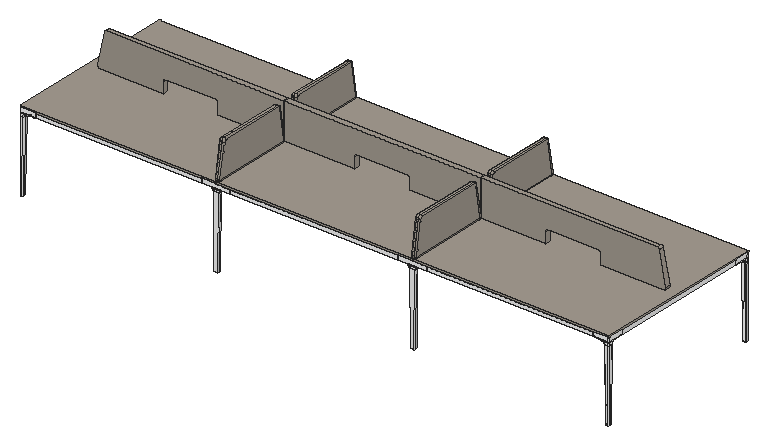
Revit family "BDG_BossDesign_Tbls_ATOM_Desks1", category Furniture, Revit 2016 (continued)
Definition of nested family "AtomTablesPartitionsSet3"
  Forms (mm)
    Sweep 19, void
      profile origin (-1280, 418.724, 1065) x (1, 0, 0) y (0, 0, 1)
        loop
          arc (-10, 0) -> (-2.929, -2.929) -> (0, -10) r 10
          line (0, -10) -> (0, 0)
    Extrusion 20, solid, material <- "ScreenPanelMaterial", visible <- "IsVerticalPartition3Bay"
      sketch origin (-1000, 0, 0) x (0, -1, 0) y (0, 0, 1)
        loop
          line (88.129, 1048.411) -> (37.936, 758.411)
          arc (37.936, 758.411) -> (42.343, 742.12) -> (57.643, 735) r 20
          line (57.643, 735) -> (779.804, 735)
          arc (779.804, 735) -> (795.105, 742.12) -> (799.511, 758.411) r 20
          line (799.511, 758.411) -> (749.319, 1048.411)
          arc (749.319, 1048.411) -> (742.492, 1060.301) -> (729.612, 1065) r 20
          line (729.612, 1065) -> (107.836, 1065)
          arc (107.836, 1065) -> (94.956, 1060.301) -> (88.129, 1048.411) r 20
      from -20 to 20
    Extrusion 21, solid, material <- "ScreenPanelMaterial", visible <- "IsVerticalPartition3Bay"
      sketch origin (1000, 0, 0) x (0, -1, 0) y (0, 0, -1)
        loop
          arc (88.129, -1048.411) -> (94.956, -1060.301) -> (107.836, -1065) r 20
          line (107.836, -1065) -> (729.612, -1065)
          arc (729.612, -1065) -> (742.492, -1060.301) -> (749.319, -1048.411) r 20
          line (749.319, -1048.411) -> (799.511, -758.411)
          arc (799.511, -758.411) -> (795.105, -742.12) -> (779.804, -735) r 20
          line (779.804, -735) -> (57.643, -735)
          arc (57.643, -735) -> (42.343, -742.12) -> (37.936, -758.411) r 20
          line (37.936, -758.411) -> (88.129, -1048.411)
      from -20 to 20
    Extrusion 22, solid, material <- "ScreenPanelMaterial", visible <- "IsVerticalPartition4Bay"
      sketch origin (-1300, 0, 0) x (0, -1, 0) y (0, 0, 1)
        loop
          line (88.129, 1048.411) -> (37.936, 758.411)
          arc (37.936, 758.411) -> (42.343, 742.12) -> (57.643, 735) r 20
          line (57.643, 735) -> (779.804, 735)
          arc (779.804, 735) -> (795.105, 742.12) -> (799.511, 758.411) r 20
          line (799.511, 758.411) -> (749.319, 1048.411)
          arc (749.319, 1048.411) -> (742.492, 1060.301) -> (729.612, 1065) r 20
          line (729.612, 1065) -> (107.836, 1065)
          arc (107.836, 1065) -> (94.956, 1060.301) -> (88.129, 1048.411) r 20
      from -20 to 20
    Extrusion 23, solid, material <- "ScreenPanelMaterial", visible <- "IsVerticalPartition4Bay"
      sketch origin (1300, 0, 0) x (0, -1, 0) y (0, 0, -1)
        loop
          arc (88.129, -1048.411) -> (94.956, -1060.301) -> (107.836, -1065) r 20
          line (107.836, -1065) -> (729.612, -1065)
          arc (729.612, -1065) -> (742.492, -1060.301) -> (749.319, -1048.411) r 20
          line (749.319, -1048.411) -> (799.511, -758.411)
          arc (799.511, -758.411) -> (795.105, -742.12) -> (779.804, -735) r 20
          line (779.804, -735) -> (57.643, -735)
          arc (57.643, -735) -> (42.343, -742.12) -> (37.936, -758.411) r 20
          line (37.936, -758.411) -> (88.129, -1048.411)
      from -20 to 20
    Sweep 24, void
      path in 3D
        loop
          arc (-1280, -729.612, 1065) -> (-1280, -742.492, 1060.301) -> (-1280, -749.319, 1048.411) r 20
          line (-1280, -749.319, 1048.411) -> (-1280, -799.511, 758.411)
          arc (-1280, -799.511, 758.411) -> (-1280, -795.105, 742.12) -> (-1280, -779.804, 735) r 20
          line (-1280, -779.804, 735) -> (-1280, -57.643, 735)
          arc (-1280, -57.643, 735) -> (-1280, -42.343, 742.12) -> (-1280, -37.936, 758.411) r 20
          line (-1280, -37.936, 758.411) -> (-1280, -88.129, 1048.411)
          arc (-1280, -88.129, 1048.411) -> (-1280, -94.956, 1060.301) -> (-1280, -107.836, 1065) r 20
          line (-1280, -107.836, 1065) -> (-1280, -729.612, 1065)
      profile origin (-1280, -418.724, 1065) x (1, 0, 0) y (0, 0, 1)
        loop
          line (0, 0) -> (-10, 0)
          arc (-10, 0) -> (-2.929, -2.929) -> (0, -10) r 10
          line (0, -10) -> (0, 0)
    Sweep 25, void
      path in 3D
        loop
          arc (-980, -729.612, 1065) -> (-980, -742.492, 1060.301) -> (-980, -749.319, 1048.411) r 20
          line (-980, -749.319, 1048.411) -> (-980, -799.511, 758.411)
          arc (-980, -799.511, 758.411) -> (-980, -795.105, 742.12) -> (-980, -779.804, 735) r 20
          line (-980, -779.804, 735) -> (-980, -57.643, 735)
          arc (-980, -57.643, 735) -> (-980, -42.343, 742.12) -> (-980, -37.936, 758.411) r 20
          line (-980, -37.936, 758.411) -> (-980, -88.129, 1048.411)
          arc (-980, -88.129, 1048.411) -> (-980, -94.956, 1060.301) -> (-980, -107.836, 1065) r 20
          line (-980, -107.836, 1065) -> (-980, -729.612, 1065)
      profile origin (-980, -418.724, 1065) x (1, 0, 0) y (0, 0, 1)
        loop
          line (0, 0) -> (-10, 0)
          arc (-10, 0) -> (-2.929, -2.929) -> (0, -10) r 10
          line (0, -10) -> (0, 0)
    Sweep 26, void
      path in 3D
        loop
          arc (1020, -729.612, 1065) -> (1020, -742.492, 1060.301) -> (1020, -749.319, 1048.411) r 20
          line (1020, -749.319, 1048.411) -> (1020, -799.511, 758.411)
          arc (1020, -799.511, 758.411) -> (1020, -795.105, 742.12) -> (1020, -779.804, 735) r 20
          line (1020, -779.804, 735) -> (1020, -57.643, 735)
          arc (1020, -57.643, 735) -> (1020, -42.343, 742.12) -> (1020, -37.936, 758.411) r 20
          line (1020, -37.936, 758.411) -> (1020, -88.129, 1048.411)
          arc (1020, -88.129, 1048.411) -> (1020, -94.956, 1060.301) -> (1020, -107.836, 1065) r 20
          line (1020, -107.836, 1065) -> (1020, -729.612, 1065)
      profile origin (1020, -418.724, 1065) x (1, 0, 0) y (0, 0, 1)
        loop
          line (0, 0) -> (-10, 0)
          arc (-10, 0) -> (-2.929, -2.929) -> (0, -10) r 10
          line (0, -10) -> (0, 0)
    Sweep 27, void
      path in 3D
        loop
          arc (1320, -729.612, 1065) -> (1320, -742.492, 1060.301) -> (1320, -749.319, 1048.411) r 20
          line (1320, -749.319, 1048.411) -> (1320, -799.511, 758.411)
          arc (1320, -799.511, 758.411) -> (1320, -795.105, 742.12) -> (1320, -779.804, 735) r 20
          line (1320, -779.804, 735) -> (1320, -57.643, 735)
          arc (1320, -57.643, 735) -> (1320, -42.343, 742.12) -> (1320, -37.936, 758.411) r 20
          line (1320, -37.936, 758.411) -> (1320, -88.129, 1048.411)
          arc (1320, -88.129, 1048.411) -> (1320, -94.956, 1060.301) -> (1320, -107.836, 1065) r 20
          line (1320, -107.836, 1065) -> (1320, -729.612, 1065)
      profile origin (1320, -418.724, 1065) x (1, 0, 0) y (0, 0, 1)
        loop
          line (0, 0) -> (-10, 0)
          arc (-10, 0) -> (-2.929, -2.929) -> (0, -10) r 10
          line (0, -10) -> (0, 0)
    Sweep 28, void
      path in 3D
        loop
          arc (1280, -37.936, 758.411) -> (1280, -42.343, 742.12) -> (1280, -57.643, 735) r 20
          line (1280, -57.643, 735) -> (1280, -779.804, 735)
          arc (1280, -779.804, 735) -> (1280, -795.105, 742.12) -> (1280, -799.511, 758.411) r 20
          line (1280, -799.511, 758.411) -> (1280, -749.319, 1048.411)
          arc (1280, -749.319, 1048.411) -> (1280, -742.492, 1060.301) -> (1280, -729.612, 1065) r 20
          line (1280, -729.612, 1065) -> (1280, -107.836, 1065)
          arc (1280, -107.836, 1065) -> (1280, -94.956, 1060.301) -> (1280, -88.129, 1048.411) r 20
          line (1280, -88.129, 1048.411) -> (1280, -37.936, 758.411)
      profile origin (1280, -63.033, 903.411) x (0, -0.985351, -0.170541) y (-1, 0, 0)
        loop
          line (0, 0) -> (0, -10)
          arc (0, -10) -> (2.929, -2.929) -> (10, 0) r 10
          line (10, 0) -> (0, 0)
    Sweep 29, void
      path in 3D
        loop
          arc (980, -107.836, 1065) -> (980, -94.956, 1060.301) -> (980, -88.129, 1048.411) r 20
          line (980, -88.129, 1048.411) -> (980, -37.936, 758.411)
          arc (980, -37.936, 758.411) -> (980, -42.343, 742.12) -> (980, -57.643, 735) r 20
          line (980, -57.643, 735) -> (980, -779.804, 735)
          arc (980, -779.804, 735) -> (980, -795.105, 742.12) -> (980, -799.511, 758.411) r 20
          line (980, -799.511, 758.411) -> (980, -749.319, 1048.411)
          arc (980, -749.319, 1048.411) -> (980, -742.492, 1060.301) -> (980, -729.612, 1065) r 20
          line (980, -729.612, 1065) -> (980, -107.836, 1065)
      profile origin (980, -418.724, 1065) x (-1, 0, 0) y (0, 0, 1)
        loop
          line (0, 0) -> (-10, 0)
          arc (-10, 0) -> (-2.929, -2.929) -> (0, -10) r 10
          line (0, -10) -> (0, 0)
    Sweep 30, void
      path in 3D
        loop
          line (-1020, -107.836, 1065) -> (-1020, -729.612, 1065)
          arc (-1020, -729.612, 1065) -> (-1020, -742.492, 1060.301) -> (-1020, -749.319, 1048.411) r 20
          line (-1020, -749.319, 1048.411) -> (-1020, -799.511, 758.411)
          arc (-1020, -799.511, 758.411) -> (-1020, -795.105, 742.12) -> (-1020, -779.804, 735) r 20
          line (-1020, -779.804, 735) -> (-1020, -57.643, 735)
          arc (-1020, -57.643, 735) -> (-1020, -42.343, 742.12) -> (-1020, -37.936, 758.411) r 20
          line (-1020, -37.936, 758.411) -> (-1020, -88.129, 1048.411)
          arc (-1020, -88.129, 1048.411) -> (-1020, -94.956, 1060.301) -> (-1020, -107.836, 1065) r 20
      profile origin (-1020, -94.956, 1060.301) x (0, 0.643995, 0.76503) y (-1, 0, 0)
        loop
          line (0, 0) -> (-10, 0)
          arc (-10, 0) -> (-2.929, -2.929) -> (0, -10) r 10
          line (0, -10) -> (0, 0)
    Sweep 31, void
      path in 3D
        loop
          arc (-1320, -107.836, 1065) -> (-1320, -94.956, 1060.301) -> (-1320, -88.129, 1048.411) r 20
          line (-1320, -88.129, 1048.411) -> (-1320, -37.936, 758.411)
          arc (-1320, -37.936, 758.411) -> (-1320, -42.343, 742.12) -> (-1320, -57.643, 735) r 20
          line (-1320, -57.643, 735) -> (-1320, -779.804, 735)
          arc (-1320, -779.804, 735) -> (-1320, -795.105, 742.12) -> (-1320, -799.511, 758.411) r 20
          line (-1320, -799.511, 758.411) -> (-1320, -749.319, 1048.411)
          arc (-1320, -749.319, 1048.411) -> (-1320, -742.492, 1060.301) -> (-1320, -729.612, 1065) r 20
          line (-1320, -729.612, 1065) -> (-1320, -107.836, 1065)
      profile origin (-1320, -418.724, 1065) x (-1, 0, 0) y (0, 0, 1)
        loop
          line (0, 0) -> (-10, 0)
          arc (-10, 0) -> (-2.929, -2.929) -> (0, -10) r 10
          line (0, -10) -> (0, 0)
    Extrusion 32, solid, material <- "ScreenPanelMaterial", visible <- "Is4BayPartitionOther"
      sketch origin (-3500, 0, 0) x (1, 0, 0) y (0, 0, 1)
        loop
          line (75.627, 1048.959) -> (17.07, 758.959)
          arc (17.07, 758.959) -> (21.195, 742.335) -> (36.674, 735) r 20
          line (36.674, 735) -> (600, 735) -> (600, 835)
          arc (600, 835) -> (605.858, 849.142) -> (620, 855) r 20
          line (620, 855) -> (1080, 855)
          arc (1080, 855) -> (1094.142, 849.142) -> (1100, 835) r 20
          line (1100, 835) -> (1100, 735) -> (1700, 735) -> (1700, 1065) -> (95.232, 1065)
          arc (95.232, 1065) -> (82.566, 1060.479) -> (75.627, 1048.959) r 20
      from -20 to 20
    Extrusion 33, solid, material <- "ScreenPanelMaterial", visible <- "IsCentral2BayFor4BayOther"
      sketch origin (0, 0, 0) x (1, 0, 0) y (0, 0, 1)
        loop
          line (-1800, 1065) -> (-1800, 735) -> (-1150, 735) -> (-1150, 835)
          arc (-1150, 835) -> (-1144.142, 849.142) -> (-1130, 855) r 20
          line (-1130, 855) -> (-670, 855)
          arc (-670, 855) -> (-655.858, 849.142) -> (-650, 835) r 20
          line (-650, 835) -> (-650, 735) -> (0, 735) -> (0, 1065) -> (-1800, 1065)
      from -20 to 20
    Extrusion 34, solid, material <- "ScreenPanelMaterial", visible <- "IsCentral2BayFor4BayOther"
      sketch origin (0, 0, 0) x (-1, 0, 0) y (0, 0, -1)
        loop
          line (-1800, -1065) -> (0, -1065) -> (0, -735) -> (-650, -735) -> (-650, -835)
          arc (-650, -835) -> (-655.858, -849.142) -> (-670, -855) r 20
          line (-670, -855) -> (-1130, -855)
          arc (-1130, -855) -> (-1144.142, -849.142) -> (-1150, -835) r 20
          line (-1150, -835) -> (-1150, -735) -> (-1800, -735) -> (-1800, -1065)
      from -20 to 20
    Extrusion 35, solid, material <- "ScreenPanelMaterial", visible <- "IsCentral2BayFor4Bay"
      sketch origin (0, 0, 0) x (-1, 0, 0) y (0, 0, -1)
        loop
          line (-1400, -1065) -> (0, -1065) -> (0, -735) -> (-450, -735) -> (-450, -835)
          arc (-450, -835) -> (-455.858, -849.142) -> (-470, -855) r 20
          line (-470, -855) -> (-930, -855)
          arc (-930, -855) -> (-944.142, -849.142) -> (-950, -835) r 20
          line (-950, -835) -> (-950, -735) -> (-1400, -735) -> (-1400, -1065)
      from -20 to 20
    Extrusion 36, solid, material <- "ScreenPanelMaterial", visible <- "Is4BayPartition"
      sketch origin (3100, 0, 0) x (-1, 0, 0) y (0, 0, -1)
        loop
          line (1700, -1065) -> (1700, -735) -> (1350, -735) -> (1350, -835)
          arc (1350, -835) -> (1344.142, -849.142) -> (1330, -855) r 20
          line (1330, -855) -> (870, -855)
          arc (870, -855) -> (855.858, -849.142) -> (850, -835) r 20
          line (850, -835) -> (850, -735) -> (424.179, -735)
          arc (424.179, -735) -> (408.768, -742.253) -> (404.534, -758.75) r 20
          line (404.534, -758.75) -> (459.898, -1048.75)
          arc (459.898, -1048.75) -> (466.796, -1060.411) -> (479.543, -1065) r 20
          line (479.543, -1065) -> (1700, -1065)
      from -20 to 20
    Extrusion 37, solid, material <- "ScreenPanelMaterial", visible <- "Is4BayPartitionOther"
      sketch origin (3500, 0, 0) x (-1, 0, 0) y (0, 0, -1)
        loop
          arc (75.627, -1048.959) -> (82.566, -1060.479) -> (95.232, -1065) r 20
          line (95.232, -1065) -> (1700, -1065) -> (1700, -735) -> (1100, -735) -> (1100, -835)
          arc (1100, -835) -> (1094.142, -849.142) -> (1080, -855) r 20
          line (1080, -855) -> (620, -855)
          arc (620, -855) -> (605.858, -849.142) -> (600, -835) r 20
          line (600, -835) -> (600, -735) -> (36.674, -735)
          arc (36.674, -735) -> (21.195, -742.335) -> (17.07, -758.959) r 20
          line (17.07, -758.959) -> (75.627, -1048.959)
      from -20 to 20
  Cuts and joins
    Sweep 5, Sweep 6 cuts Extrusion 2
    Sweep 7 cuts Extrusion 1
    Sweep 12, Sweep 16 cuts Extrusion 11
    Sweep 13, Sweep 17 cuts Extrusion 9
    Sweep 14, Sweep 18 cuts Extrusion 8
    Sweep 15, Sweep 19 cuts Extrusion 10
    Sweep 24, Sweep 31 cuts Extrusion 22
    Sweep 25, Sweep 30 cuts Extrusion 20
    Sweep 26, Sweep 29 cuts Extrusion 21
    Sweep 27, Sweep 28 cuts Extrusion 23
  Lines and regions (mm)
    sketch lines
      curve 1: line (-20, -88.129, 1048.411) -> (-20, -37.936, 758.411)
      curve 2: arc (-20, -729.612, 1065) -> (-20, -742.492, 1060.301) -> (-20, -749.319, 1048.411) r 20
      curve 3: line (-20, -729.612, 1065) -> (-20, -107.836, 1065)
      curve 4: line (-20, -799.511, 758.411) -> (-20, -749.319, 1048.411)
      curve 5: arc (-20, -799.511, 758.411) -> (-20, -795.105, 742.12) -> (-20, -779.804, 735) r 20
      curve 6: line (-20, -57.643, 735) -> (-20, -779.804, 735)
      curve 7: arc (-20, -57.643, 735) -> (-20, -42.343, 742.12) -> (-20, -37.936, 758.411) r 20
      curve 8: arc (-20, -88.129, 1048.411) -> (-20, -94.956, 1060.301) -> (-20, -107.836, 1065) r 20
      curve 9: line (20, -107.836, 1065) -> (20, -729.612, 1065)
      curve 10: arc (20, -107.836, 1065) -> (20, -94.956, 1060.301) -> (20, -88.129, 1048.411) r 20
      curve 11: line (20, -37.936, 758.411) -> (20, -88.129, 1048.411)
      curve 12: arc (20, -37.936, 758.411) -> (20, -42.343, 742.12) -> (20, -57.643, 735) r 20
      curve 13: line (20, -779.804, 735) -> (20, -57.643, 735)
      curve 14: arc (20, -779.804, 735) -> (20, -795.105, 742.12) -> (20, -799.511, 758.411) r 20
      curve 15: line (20, -749.319, 1048.411) -> (20, -799.511, 758.411)
      curve 16: arc (20, -749.319, 1048.411) -> (20, -742.492, 1060.301) -> (20, -729.612, 1065) r 20
      curve 17: arc (-20, 107.836, 1065) -> (-20, 94.956, 1060.301) -> (-20, 88.129, 1048.411) r 20
      curve 18: line (-20, 37.936, 758.411) -> (-20, 88.129, 1048.411)
      curve 19: arc (-20, 37.936, 758.411) -> (-20, 42.343, 742.12) -> (-20, 57.643, 735) r 20
      curve 20: line (-20, 779.804, 735) -> (-20, 57.643, 735)
      curve 21: arc (-20, 779.804, 735) -> (-20, 795.105, 742.12) -> (-20, 799.511, 758.411) r 20
      curve 22: line (-20, 749.319, 1048.411) -> (-20, 799.511, 758.411)
      curve 23: line (-20, 107.836, 1065) -> (-20, 729.612, 1065)
      curve 24: arc (-20, 749.319, 1048.411) -> (-20, 742.492, 1060.301) -> (-20, 729.612, 1065) r 20
      curve 25: line (1280, 107.836, 1065) -> (1280, 729.612, 1065)
      curve 26: arc (1280, 107.836, 1065) -> (1280, 94.956, 1060.301) -> (1280, 88.129, 1048.411) r 20
      curve 27: line (1280, 37.936, 758.411) -> (1280, 88.129, 1048.411)
      curve 28: arc (1280, 37.936, 758.411) -> (1280, 42.343, 742.12) -> (1280, 57.643, 735) r 20
      curve 29: line (1280, 779.804, 735) -> (1280, 57.643, 735)
      curve 30: arc (1280, 779.804, 735) -> (1280, 795.105, 742.12) -> (1280, 799.511, 758.411) r 20
      curve 31: line (1280, 749.319, 1048.411) -> (1280, 799.511, 758.411)
      curve 32: arc (1280, 749.319, 1048.411) -> (1280, 742.492, 1060.301) -> (1280, 729.612, 1065) r 20
      curve 33: line (980, 107.836, 1065) -> (980, 729.612, 1065)
      curve 34: arc (980, 107.836, 1065) -> (980, 94.956, 1060.301) -> (980, 88.129, 1048.411) r 20
      curve 35: line (980, 37.936, 758.411) -> (980, 88.129, 1048.411)
      curve 36: arc (980, 37.936, 758.411) -> (980, 42.343, 742.12) -> (980, 57.643, 735) r 20
      curve 37: line (980, 779.804, 735) -> (980, 57.643, 735)
      curve 38: arc (980, 779.804, 735) -> (980, 795.105, 742.12) -> (980, 799.511, 758.411) r 20
      curve 39: line (980, 749.319, 1048.411) -> (980, 799.511, 758.411)
      curve 40: arc (980, 749.319, 1048.411) -> (980, 742.492, 1060.301) -> (980, 729.612, 1065) r 20
      curve 41: line (-1020, 107.836, 1065) -> (-1020, 729.612, 1065)
      curve 42: arc (-1020, 107.836, 1065) -> (-1020, 94.956, 1060.301) -> (-1020, 88.129, 1048.411) r 20
      curve 43: line (-1020, 37.936, 758.411) -> (-1020, 88.129, 1048.411)
      curve 44: arc (-1020, 37.936, 758.411) -> (-1020, 42.343, 742.12) -> (-1020, 57.643, 735) r 20
      curve 45: line (-1020, 779.804, 735) -> (-1020, 57.643, 735)
      curve 46: arc (-1020, 779.804, 735) -> (-1020, 795.105, 742.12) -> (-1020, 799.511, 758.411) r 20
      curve 47: line (-1020, 749.319, 1048.411) -> (-1020, 799.511, 758.411)
      curve 48: arc (-1020, 749.319, 1048.411) -> (-1020, 742.492, 1060.301) -> (-1020, 729.612, 1065) r 20
      curve 49: line (-1320, 107.836, 1065) -> (-1320, 729.612, 1065)
      curve 50: line (-1320, 37.936, 758.411) -> (-1320, 88.129, 1048.411)
      curve 51: arc (-1320, 37.936, 758.411) -> (-1320, 42.343, 742.12) -> (-1320, 57.643, 735) r 20
      curve 52: line (-1320, 779.804, 735) -> (-1320, 57.643, 735)
      curve 53: arc (-1320, 107.836, 1065) -> (-1320, 94.956, 1060.301) -> (-1320, 88.129, 1048.411) r 20
      curve 54: arc (-1320, 749.319, 1048.411) -> (-1320, 742.492, 1060.301) -> (-1320, 729.612, 1065) r 20
      curve 55: line (-1320, 749.319, 1048.411) -> (-1320, 799.511, 758.411)
      curve 56: arc (-1320, 779.804, 735) -> (-1320, 795.105, 742.12) -> (-1320, 799.511, 758.411) r 20
      curve 57: line (1320, 729.612, 1065) -> (1320, 107.836, 1065)
      curve 58: arc (1320, 88.129, 1048.411) -> (1320, 94.956, 1060.301) -> (1320, 107.836, 1065) r 20
      curve 59: line (1320, 88.129, 1048.411) -> (1320, 37.936, 758.411)
      curve 60: arc (1320, 57.643, 735) -> (1320, 42.343, 742.12) -> (1320, 37.936, 758.411) r 20
      curve 61: line (1320, 57.643, 735) -> (1320, 779.804, 735)
      curve 62: arc (1320, 799.511, 758.411) -> (1320, 795.105, 742.12) -> (1320, 779.804, 735) r 20
      curve 63: line (1320, 799.511, 758.411) -> (1320, 749.319, 1048.411)
      curve 64: arc (1320, 729.612, 1065) -> (1320, 742.492, 1060.301) -> (1320, 749.319, 1048.411) r 20
      curve 65: arc (1020, 88.129, 1048.411) -> (1020, 94.956, 1060.301) -> (1020, 107.836, 1065) r 20
      curve 66: line (1020, 729.612, 1065) -> (1020, 107.836, 1065)
      curve 67: arc (1020, 57.643, 735) -> (1020, 42.343, 742.12) -> (1020, 37.936, 758.411) r 20
      curve 68: line (1020, 88.129, 1048.411) -> (1020, 37.936, 758.411)
      curve 69: line (1020, 57.643, 735) -> (1020, 779.804, 735)
      curve 70: line (1020, 799.511, 758.411) -> (1020, 749.319, 1048.411)
      curve 71: arc (1020, 799.511, 758.411) -> (1020, 795.105, 742.12) -> (1020, 779.804, 735) r 20
      curve 72: arc (1020, 729.612, 1065) -> (1020, 742.492, 1060.301) -> (1020, 749.319, 1048.411) r 20
      curve 73: line (-980, 729.612, 1065) -> (-980, 107.836, 1065)
      curve 74: arc (-980, 88.129, 1048.411) -> (-980, 94.956, 1060.301) -> (-980, 107.836, 1065) r 20
      curve 75: line (-980, 88.129, 1048.411) -> (-980, 37.936, 758.411)
      curve 76: arc (-980, 57.643, 735) -> (-980, 42.343, 742.12) -> (-980, 37.936, 758.411) r 20
      curve 77: line (-980, 57.643, 735) -> (-980, 779.804, 735)
      curve 78: arc (-980, 799.511, 758.411) -> (-980, 795.105, 742.12) -> (-980, 779.804, 735) r 20
      curve 79: line (-980, 799.511, 758.411) -> (-980, 749.319, 1048.411)
      curve 80: arc (-980, 729.612, 1065) -> (-980, 742.492, 1060.301) -> (-980, 749.319, 1048.411) r 20
      curve 81: line (-1280, 729.612, 1065) -> (-1280, 107.836, 1065)
      curve 82: arc (-1280, 88.129, 1048.411) -> (-1280, 94.956, 1060.301) -> (-1280, 107.836, 1065) r 20
      curve 83: line (-1280, 88.129, 1048.411) -> (-1280, 37.936, 758.411)
      curve 84: arc (-1280, 57.643, 735) -> (-1280, 42.343, 742.12) -> (-1280, 37.936, 758.411) r 20
      curve 85: line (-1280, 57.643, 735) -> (-1280, 779.804, 735)
      curve 86: arc (-1280, 799.511, 758.411) -> (-1280, 795.105, 742.12) -> (-1280, 779.804, 735) r 20
      curve 87: line (-1280, 799.511, 758.411) -> (-1280, 749.319, 1048.411)
      curve 88: arc (-1280, 729.612, 1065) -> (-1280, 742.492, 1060.301) -> (-1280, 749.319, 1048.411) r 20
      curve 89: line (-1280, -107.836, 1065) -> (-1280, -729.612, 1065)
      curve 90: arc (-1280, -107.836, 1065) -> (-1280, -94.956, 1060.301) -> (-1280, -88.129, 1048.411) r 20
      curve 91: line (-1280, -37.936, 758.411) -> (-1280, -88.129, 1048.411)
      curve 92: arc (-1280, -37.936, 758.411) -> (-1280, -42.343, 742.12) -> (-1280, -57.643, 735) r 20
      curve 93: line (-1280, -779.804, 735) -> (-1280, -57.643, 735)
      curve 94: line (-1280, -749.319, 1048.411) -> (-1280, -799.511, 758.411)
      curve 95: arc (-1280, -779.804, 735) -> (-1280, -795.105, 742.12) -> (-1280, -799.511, 758.411) r 20
      curve 96: arc (-1280, -749.319, 1048.411) -> (-1280, -742.492, 1060.301) -> (-1280, -729.612, 1065) r 20
      curve 97: line (-980, -107.836, 1065) -> (-980, -729.612, 1065)
      curve 98: line (-980, -37.936, 758.411) -> (-980, -88.129, 1048.411)
      curve 99: arc (-980, -107.836, 1065) -> (-980, -94.956, 1060.301) -> (-980, -88.129, 1048.411) r 20
      curve 100: arc (-980, -37.936, 758.411) -> (-980, -42.343, 742.12) -> (-980, -57.643, 735) r 20
      curve 101: line (-980, -779.804, 735) -> (-980, -57.643, 735)
      curve 102: arc (-980, -779.804, 735) -> (-980, -795.105, 742.12) -> (-980, -799.511, 758.411) r 20
      curve 103: line (-980, -749.319, 1048.411) -> (-980, -799.511, 758.411)
      curve 104: arc (-980, -749.319, 1048.411) -> (-980, -742.492, 1060.301) -> (-980, -729.612, 1065) r 20
      curve 105: line (1020, -107.836, 1065) -> (1020, -729.612, 1065)
      curve 106: arc (1020, -107.836, 1065) -> (1020, -94.956, 1060.301) -> (1020, -88.129, 1048.411) r 20
      curve 107: line (1020, -37.936, 758.411) -> (1020, -88.129, 1048.411)
      curve 108: arc (1020, -37.936, 758.411) -> (1020, -42.343, 742.12) -> (1020, -57.643, 735) r 20
      curve 109: line (1020, -779.804, 735) -> (1020, -57.643, 735)
      curve 110: arc (1020, -779.804, 735) -> (1020, -795.105, 742.12) -> (1020, -799.511, 758.411) r 20
      curve 111: line (1020, -749.319, 1048.411) -> (1020, -799.511, 758.411)
      curve 112: arc (1020, -749.319, 1048.411) -> (1020, -742.492, 1060.301) -> (1020, -729.612, 1065) r 20
      curve 113: line (1320, -107.836, 1065) -> (1320, -729.612, 1065)
      curve 114: arc (1320, -107.836, 1065) -> (1320, -94.956, 1060.301) -> (1320, -88.129, 1048.411) r 20
      curve 115: line (1320, -37.936, 758.411) -> (1320, -88.129, 1048.411)
      curve 116: arc (1320, -37.936, 758.411) -> (1320, -42.343, 742.12) -> (1320, -57.643, 735) r 20
      curve 117: line (1320, -779.804, 735) -> (1320, -57.643, 735)
      curve 118: arc (1320, -779.804, 735) -> (1320, -795.105, 742.12) -> (1320, -799.511, 758.411) r 20
      curve 119: line (1320, -749.319, 1048.411) -> (1320, -799.511, 758.411)
      curve 120: arc (1320, -749.319, 1048.411) -> (1320, -742.492, 1060.301) -> (1320, -729.612, 1065) r 20
      curve 121: line (1280, -88.129, 1048.411) -> (1280, -37.936, 758.411)
      curve 122: arc (1280, -88.129, 1048.411) -> (1280, -94.956, 1060.301) -> (1280, -107.836, 1065) r 20
      curve 123: line (1280, -729.612, 1065) -> (1280, -107.836, 1065)
      curve 124: arc (1280, -729.612, 1065) -> (1280, -742.492, 1060.301) -> (1280, -749.319, 1048.411) r 20
      curve 125: line (1280, -799.511, 758.411) -> (1280, -749.319, 1048.411)
      curve 126: arc (1280, -799.511, 758.411) -> (1280, -795.105, 742.12) -> (1280, -779.804, 735) r 20
      curve 127: line (1280, -57.643, 735) -> (1280, -779.804, 735)
      curve 128: arc (1280, -57.643, 735) -> (1280, -42.343, 742.12) -> (1280, -37.936, 758.411) r 20
      curve 129: line (980, -729.612, 1065) -> (980, -107.836, 1065)
      curve 130: arc (980, -88.129, 1048.411) -> (980, -94.956, 1060.301) -> (980, -107.836, 1065) r 20
      curve 131: line (980, -88.129, 1048.411) -> (980, -37.936, 758.411)
      curve 132: arc (980, -57.643, 735) -> (980, -42.343, 742.12) -> (980, -37.936, 758.411) r 20
      curve 133: line (980, -57.643, 735) -> (980, -779.804, 735)
      curve 134: arc (980, -799.511, 758.411) -> (980, -795.105, 742.12) -> (980, -779.804, 735) r 20
      curve 135: line (980, -799.511, 758.411) -> (980, -749.319, 1048.411)
      curve 136: arc (980, -729.612, 1065) -> (980, -742.492, 1060.301) -> (980, -749.319, 1048.411) r 20
      curve 137: arc (-1020, -88.129, 1048.411) -> (-1020, -94.956, 1060.301) -> (-1020, -107.836, 1065) r 20
      curve 138: line (-1020, -57.643, 735) -> (-1020, -779.804, 735)
      curve 139: arc (-1020, -57.643, 735) -> (-1020, -42.343, 742.12) -> (-1020, -37.936, 758.411) r 20
      curve 140: line (-1020, -88.129, 1048.411) -> (-1020, -37.936, 758.411)
      curve 141: arc (-1020, -729.612, 1065) -> (-1020, -742.492, 1060.301) -> (-1020, -749.319, 1048.411) r 20
      curve 142: line (-1020, -729.612, 1065) -> (-1020, -107.836, 1065)
      curve 143: line (-1020, -799.511, 758.411) -> (-1020, -749.319, 1048.411)
      curve 144: arc (-1020, -799.511, 758.411) -> (-1020, -795.105, 742.12) -> (-1020, -779.804, 735) r 20
      curve 145: line (-1320, -729.612, 1065) -> (-1320, -107.836, 1065)
      curve 146: arc (-1320, -88.129, 1048.411) -> (-1320, -94.956, 1060.301) -> (-1320, -107.836, 1065) r 20
      curve 147: line (-1320, -88.129, 1048.411) -> (-1320, -37.936, 758.411)
      curve 148: arc (-1320, -57.643, 735) -> (-1320, -42.343, 742.12) -> (-1320, -37.936, 758.411) r 20
      curve 149: line (-1320, -57.643, 735) -> (-1320, -779.804, 735)
      curve 150: arc (-1320, -799.511, 758.411) -> (-1320, -795.105, 742.12) -> (-1320, -779.804, 735) r 20
      curve 151: line (-1320, -799.511, 758.411) -> (-1320, -749.319, 1048.411)
      curve 152: arc (-1320, -729.612, 1065) -> (-1320, -742.492, 1060.301) -> (-1320, -749.319, 1048.411) r 20
  Dimensions and locks
    plane 5 to plane 3 "Center (Left/Right)" to plane 4 = 20 mm locked, 20 mm locked
    locked: plane 8 to plane 9 at 12
    plane 9 to plane 2 = 723 mm
    locked: plane 10 to plane 8 at 330
    Extrusion 1 sketch curve to plane 11 = 57.643 mm
    locked: Extrusion 1 sketch curve to plane 8 at 20  (x2)
    "VerticalPartitionLength": plane 12 to plane 11
    plane 12 to Extrusion 1 sketch curve = 20.196 mm
    equal spacing: plane 13, plane 1 "Center (Front/Back)", plane 14
    locked: plane 13 to plane 14 at 40
    equal spacing: plane 15, plane 3 "Center (Left/Right)", plane 16
    "4BayPartitionBetween1&4": plane 15 to plane 16
    locked: plane 12 to Extrusion 1 sketch curve at 70.388
    locked: plane 10 to Extrusion 1 sketch curve at 20  (x2)
    locked: Extrusion 1 sketch curve to plane 11 at 107.836
    Extrusion 2 sketch curve to plane 17 = 57.643 mm
    "VerticalPartitionLength": plane 18 to plane 17
    plane 18 to Extrusion 2 sketch curve = 20.196 mm
    locked: plane 18 to Extrusion 2 sketch curve at 70.388
    locked: Extrusion 2 sketch curve to plane 17 at 107.836
    "CentralPartition": plane 20 to plane 19
    equal spacing: plane 20, plane 3 "Center (Left/Right)", plane 19
    locked: plane 23 to plane 24 at 63
    plane 27 to plane 3 "Center (Left/Right)" to plane 26 = 20 mm locked, 20 mm locked
    Extrusion 8 sketch curve to plane 28 = 57.643 mm
    "VerticalPartitionLength": plane 29 to plane 28
    plane 29 to Extrusion 8 sketch curve = 20.196 mm
    locked: plane 29 to Extrusion 8 sketch curve at 70.388
    locked: Extrusion 8 sketch curve to plane 28 at 107.836
    locked: plane 31 to plane 30 at 40
    "OffSetforVerticalPartitions3Bay": plane 30 to plane 3 "Center (Left/Right)"
    Extrusion 9 sketch curve to plane 32 = 57.643 mm
    "VerticalPartitionLength": plane 33 to plane 32
    plane 33 to Extrusion 9 sketch curve = 20.196 mm
    locked: plane 33 to Extrusion 9 sketch curve at 70.388
    locked: Extrusion 9 sketch curve to plane 32 at 107.836
    locked: plane 35 to plane 34 at 40
    "OffSetforVerticalPartitions3Bay": plane 3 "Center (Left/Right)" to plane 34
    Extrusion 10 sketch curve to plane 36 = 57.643 mm
    "VerticalPartitionLength": plane 37 to plane 36
    plane 37 to Extrusion 10 sketch curve = 20.196 mm
    locked: plane 37 to Extrusion 10 sketch curve at 70.388
    locked: Extrusion 10 sketch curve to plane 36 at 107.836
    locked: plane 39 to plane 38 at 40
    Extrusion 11 sketch curve to plane 40 = 57.643 mm
    "VerticalPartitionLength": plane 41 to plane 40
    plane 41 to Extrusion 11 sketch curve = 20.196 mm
    locked: plane 41 to Extrusion 11 sketch curve at 70.388
    locked: Extrusion 11 sketch curve to plane 40 at 107.836
    locked: plane 43 to plane 42 at 40
    Extrusion 20 sketch curve to plane 44 = 57.643 mm
    "VerticalPartitionLength": plane 45 to plane 44
    plane 45 to Extrusion 20 sketch curve = 20.196 mm
    locked: plane 45 to Extrusion 20 sketch curve at 70.388
    locked: Extrusion 20 sketch curve to plane 44 at 107.836
    Extrusion 21 sketch curve to plane 46 = 57.643 mm
    "VerticalPartitionLength": plane 47 to plane 46
    plane 47 to Extrusion 21 sketch curve = 20.196 mm
    locked: plane 47 to Extrusion 21 sketch curve at 70.388
    locked: Extrusion 21 sketch curve to plane 46 at 107.836
    Extrusion 22 sketch curve to plane 48 = 57.643 mm
    "VerticalPartitionLength": plane 49 to plane 48
    plane 49 to Extrusion 22 sketch curve = 20.196 mm
    locked: plane 49 to Extrusion 22 sketch curve at 70.388
    locked: Extrusion 22 sketch curve to plane 48 at 107.836
    "OffSetforVertical4Bay": plane 38 to plane 3 "Center (Left/Right)"
    "OffSetforVertical4Bay": plane 3 "Center (Left/Right)" to plane 42
    Extrusion 23 sketch curve to plane 50 = 57.643 mm
    "VerticalPartitionLength": plane 51 to plane 50
    plane 51 to Extrusion 23 sketch curve = 20.196 mm
    locked: plane 51 to Extrusion 23 sketch curve at 70.388
    locked: Extrusion 23 sketch curve to plane 50 at 107.836
    locked: plane 54 to plane 53 at 500
    locked: Extrusion 3 sketch curve to plane 53 at 20
    locked: Extrusion 3 sketch curve to plane 54 at 20
    locked: Extrusion 4 sketch curve to plane 55 at 20
    locked: plane 57 to Extrusion 4 sketch curve at 20
    locked: plane 57 to plane 8 at 120
    locked: plane 24 to plane 52 at 1300
    locked: plane 52 to plane 25 at 1400
    locked: plane 59 to plane 60 at 63
    plane 59 to Extrusion 32 sketch curve = 26.326 mm
    Extrusion 32 sketch curve to plane 60 = 95.232 mm
    locked: Extrusion 32 sketch curve to plane 63 at 20
    locked: plane 60 to plane 62 at 1700
    locked: Extrusion 4 sketch curve to plane 23 at 16.543
    locked: Extrusion 4 sketch curve to plane 24 at 24.179
    locked: plane 67 to plane 66 at 500
    locked: Extrusion 33 sketch curve to plane 66 at 20
    locked: Extrusion 33 sketch curve to plane 67 at 20
    locked: plane 3 "Center (Left/Right)" to plane 69 at 1800
    locked: plane 67 to plane 3 "Center (Left/Right)" at 650
    locked: plane 71 to plane 70 at 500
    locked: Extrusion 34 sketch curve to plane 70 at 20
    locked: Extrusion 34 sketch curve to plane 71 at 20
    locked: plane 73 to plane 3 "Center (Left/Right)" at 1800
    locked: plane 74 to plane 8 at 120
    locked: plane 54 to plane 3 "Center (Left/Right)" at 450
    locked: plane 3 "Center (Left/Right)" to plane 54 at 450
    locked: plane 3 "Center (Left/Right)" to plane 65 at 1400
    locked: plane 76 to plane 75 at 500
    locked: Extrusion 35 sketch curve to plane 75 at 20
    locked: Extrusion 35 sketch curve to plane 76 at 20
    locked: plane 3 "Center (Left/Right)" to plane 77 at 1400
    locked: plane 76 to plane 3 "Center (Left/Right)" at 450
    locked: plane 79 to plane 8 at 120
    locked: Extrusion 32 sketch curve to plane 64 at 20
    locked: plane 64 to plane 62 at 600
    locked: plane 56 to plane 55 at 500
    locked: plane 80 to plane 81 at 63
    locked: Extrusion 36 sketch curve to plane 84 at 20
    locked: plane 86 to Extrusion 36 sketch curve at 20
    locked: plane 81 to plane 83 at 1300
    locked: plane 83 to plane 82 at 1400
    locked: Extrusion 36 sketch curve to plane 80 at 16.543
    locked: Extrusion 36 sketch curve to plane 81 at 24.179
    locked: plane 85 to plane 84 at 500
    locked: plane 86 to plane 8 at 120
    locked: plane 62 to plane 61 at 1800
    locked: plane 88 to plane 89 at 63
    plane 88 to Extrusion 37 sketch curve = 26.326 mm
    Extrusion 37 sketch curve to plane 89 = 95.232 mm
    locked: Extrusion 37 sketch curve to plane 92 at 20
    locked: plane 89 to plane 91 at 1700
    locked: Extrusion 37 sketch curve to plane 93 at 20
    locked: plane 93 to plane 91 at 600
    locked: plane 91 to plane 90 at 1800
    aligned and locked: level to plane 2
    aligned and locked: Extrusion 1 to plane 5
    aligned and locked: Extrusion 1 to plane 4
    aligned and locked: plane 1 "Center (Front/Back)" to plane 11
    aligned and locked: plane 10 to Extrusion 1 sketch curve
    aligned and locked: Extrusion 3 sketch curve to plane 10
    aligned and locked: Extrusion 3 sketch curve to plane 3 "Center (Left/Right)"
    aligned and locked: plane 13 to Extrusion 3
    aligned and locked: plane 14 to Extrusion 3
    aligned and locked: plane 25 to plane 3 "Center (Left/Right)"
    aligned and locked: Extrusion 9 to plane 34
    aligned and locked: plane 35 to Extrusion 9
    aligned and locked: plane 31 to Extrusion 8
    aligned and locked: Extrusion 8 to plane 30
    aligned and locked: plane 39 to Extrusion 10
    aligned and locked: Extrusion 10 to plane 38
    aligned and locked: Extrusion 11 to plane 43  (x2)
    aligned and locked: plane 42 to Extrusion 11  (x2)
    aligned and locked: Extrusion 9 to plane 35  (x2)
    aligned and locked: plane 34 to Extrusion 9  (x2)
    aligned and locked: plane 30 to Extrusion 8
    aligned and locked: Extrusion 8 to plane 31
    aligned and locked: plane 38 to Extrusion 10
    aligned and locked: Extrusion 10 to plane 39
    aligned and locked: plane 39 to Extrusion 22
    aligned and locked: Extrusion 22 to plane 39
    aligned and locked: Extrusion 22 to plane 38
    aligned and locked: plane 31 to Extrusion 20
    aligned and locked: Extrusion 20 to plane 30
    aligned and locked: Extrusion 21 to plane 34
    aligned and locked: plane 34 to Extrusion 21
    aligned and locked: plane 35 to Extrusion 21
    aligned and locked: Extrusion 23 to plane 42
    aligned and locked: plane 43 to Extrusion 23
    aligned and locked: plane 8 to Extrusion 4 sketch curve
    aligned and locked: Extrusion 3 sketch curve to plane 8
    aligned and locked: plane 55 to Extrusion 4 sketch curve
    aligned and locked: Extrusion 4 sketch curve to plane 57
    aligned and locked: Extrusion 4 sketch curve to plane 56
    aligned and locked: plane 52 to Extrusion 4 sketch curve
    aligned and locked: plane 63 to Extrusion 32 sketch curve
    aligned and locked: Extrusion 32 sketch curve to plane 64
    aligned and locked: plane 62 to Extrusion 32 sketch curve
    aligned and locked: Extrusion 32 sketch curve to plane 10
    aligned and locked: Extrusion 4 sketch curve to plane 10
    aligned and locked: plane 69 to Extrusion 33 sketch curve
    aligned and locked: plane 69 to plane 68
    aligned and locked: Extrusion 34 sketch curve to plane 73
    aligned and locked: plane 72 to plane 73
    aligned and locked: Extrusion 34 sketch curve to plane 3 "Center (Left/Right)"
    aligned and locked: plane 65 to Extrusion 3 sketch curve
    aligned and locked: plane 74 to Extrusion 3 sketch curve
    aligned and locked: Extrusion 35 sketch curve to plane 77
    aligned and locked: Extrusion 35 sketch curve to plane 78
    aligned and locked: Extrusion 35 sketch curve to plane 3 "Center (Left/Right)"
    aligned and locked: plane 79 to Extrusion 32 sketch curve
    aligned and locked: plane 61 to plane 3 "Center (Left/Right)"
    aligned and locked: Extrusion 36 sketch curve to plane 84
    aligned and locked: plane 86 to Extrusion 36 sketch curve
    aligned and locked: Extrusion 36 sketch curve to plane 85
    aligned and locked: Extrusion 36 sketch curve to plane 83
    aligned and locked: plane 3 "Center (Left/Right)" to plane 82
    aligned and locked: Extrusion 37 sketch curve to plane 92
    aligned and locked: Extrusion 37 sketch curve to plane 93
    aligned and locked: Extrusion 37 sketch curve to plane 91
    aligned and locked: Extrusion 37 sketch curve to plane 94
    aligned and locked: plane 3 "Center (Left/Right)" to plane 90
  Automatic sketch dimensions
    Extrusion 3 sketch curve to plane 53 = 0 mm
    Extrusion 3 sketch curve to plane 8 = 0 mm
    plane 54 to Extrusion 3 sketch curve = 0 mm
    Extrusion 4 sketch curve to plane 8 = 0 mm
    plane 24 to Extrusion 4 sketch curve = 4.534 mm
    Extrusion 4 sketch curve to plane 23 = 3.102 mm
    Extrusion 4 sketch curve to Extrusion 4 sketch curve = 20 mm  (x2)
    plane 8 to Extrusion 4 sketch curve = 20 mm
    profile plane to Sweep 5 sketch curve = 0 mm
    Sweep 5 sketch curve to profile plane = 0 mm
    Sweep 5 sketch curve to Sweep 5 sketch curve = 10 mm
    Sweep 6 sketch curve to profile plane = 0 mm
    profile plane to Sweep 6 sketch curve = 0 mm
    Sweep 6 sketch curve to Sweep 6 sketch curve = 10 mm
    Sweep 7 sketch curve to profile plane = 0 mm
    profile plane to Sweep 7 sketch curve = 0 mm
    profile plane to Sweep 7 sketch curve = 10 mm
    Sweep 12 sketch curve to profile plane = 0 mm  (x2)
    profile plane to Sweep 12 sketch curve = 10 mm
    Sweep 13 sketch curve to profile plane = 0 mm  (x2)
    profile plane to Sweep 13 sketch curve = 10 mm
    Sweep 14 sketch curve to profile plane = 0 mm  (x2)
    profile plane to Sweep 14 sketch curve = 10 mm
    Sweep 15 sketch curve to profile plane = 0 mm  (x2)
    Sweep 15 sketch curve to Sweep 15 sketch curve = 10 mm
    Sweep 15 sketch curve to Sweep 15 sketch curve = 0 mm
    Sweep 16 sketch curve to profile plane = 0 mm
    profile plane to Sweep 16 sketch curve = 0 mm
    Sweep 16 sketch curve to Sweep 16 sketch curve = 10 mm
    Sweep 17 sketch curve to profile plane = 0 mm  (x2)
    profile plane to Sweep 17 sketch curve = 10 mm
    Sweep 18 sketch curve to profile plane = 0 mm
    profile plane to Sweep 18 sketch curve = 0 mm
    Sweep 18 sketch curve to Sweep 18 sketch curve = 10 mm
    Sweep 19 sketch curve to profile plane = 0 mm
    profile plane to Sweep 19 sketch curve = 0 mm
    profile plane to Sweep 19 sketch curve = 10 mm
    Sweep 24 sketch curve to profile plane = 0 mm
    profile plane to Sweep 24 sketch curve = 0 mm
    profile plane to Sweep 24 sketch curve = 10 mm
    Sweep 25 sketch curve to profile plane = 0 mm
    profile plane to Sweep 25 sketch curve = 0 mm
    profile plane to Sweep 25 sketch curve = 10 mm
    Sweep 26 sketch curve to profile plane = 0 mm
    profile plane to Sweep 26 sketch curve = 0 mm
    Sweep 26 sketch curve to Sweep 26 sketch curve = 10 mm
    Sweep 27 sketch curve to profile plane = 0 mm
    profile plane to Sweep 27 sketch curve = 0 mm
    profile plane to Sweep 27 sketch curve = 10 mm
    profile plane to Sweep 28 sketch curve = 0 mm
    Sweep 28 sketch curve to profile plane = 0 mm
    Sweep 28 sketch curve to Sweep 28 sketch curve = 10 mm
    Sweep 29 sketch curve to profile plane = 0 mm  (x2)
    profile plane to Sweep 29 sketch curve = 10 mm
    Sweep 30 sketch curve to profile plane = 0 mm
    profile plane to Sweep 30 sketch curve = 0 mm
    Sweep 30 sketch curve to Sweep 30 sketch curve = 10 mm
    Sweep 31 sketch curve to profile plane = 0 mm  (x2)
    profile plane to Sweep 31 sketch curve = 10 mm
    Extrusion 32 sketch curve to plane 63 = 0 mm
    Extrusion 32 sketch curve to plane 8 = 0 mm  (x2)
    plane 60 to Extrusion 32 sketch curve = 17.07 mm
    plane 59 to Extrusion 32 sketch curve = 12.627 mm
    Extrusion 32 sketch curve to Extrusion 32 sketch curve = 20 mm  (x2)
    Extrusion 33 sketch curve to plane 66 = 0 mm
    Extrusion 33 sketch curve to plane 8 = 0 mm  (x2)
    plane 67 to Extrusion 33 sketch curve = 0 mm
    Extrusion 33 sketch curve to plane 3 "Center (Left/Right)" = 0 mm
    Extrusion 33 sketch curve to plane 10 = 0 mm
    plane 8 to Extrusion 33 sketch curve = 100 mm
    plane 70 to Extrusion 34 sketch curve = 0 mm
    Extrusion 34 sketch curve to plane 8 = 0 mm  (x2)
    Extrusion 34 sketch curve to plane 71 = 0 mm
    Extrusion 34 sketch curve to plane 10 = 0 mm
    Extrusion 34 sketch curve to plane 8 = 100 mm
    plane 75 to Extrusion 35 sketch curve = 0 mm
    Extrusion 35 sketch curve to plane 8 = 0 mm  (x2)
    Extrusion 35 sketch curve to plane 76 = 0 mm
    Extrusion 35 sketch curve to plane 10 = 0 mm
    Extrusion 36 sketch curve to plane 8 = 0 mm  (x2)
    Extrusion 36 sketch curve to plane 10 = 0 mm
    Extrusion 36 sketch curve to plane 81 = 4.534 mm
    plane 80 to Extrusion 36 sketch curve = 3.102 mm
    Extrusion 36 sketch curve to plane 85 = 20 mm
    Extrusion 36 sketch curve to Extrusion 36 sketch curve = 20 mm
    plane 10 to Extrusion 36 sketch curve = 20 mm
    Extrusion 37 sketch curve to plane 92 = 0 mm
    Extrusion 37 sketch curve to plane 8 = 0 mm  (x2)
    Extrusion 37 sketch curve to plane 10 = 0 mm
    Extrusion 37 sketch curve to plane 89 = 17.07 mm
    Extrusion 37 sketch curve to plane 88 = 12.627 mm
    Extrusion 37 sketch curve to Extrusion 37 sketch curve = 20 mm
    plane 10 to Extrusion 37 sketch curve = 20 mm
    Extrusion 1 sketch curve to plane 8 = 0 mm
    plane 13 to Extrusion 1 sketch curve = 17.936 mm
    Extrusion 1 sketch curve to plane 6 "name2" = 2.871 mm
    Extrusion 1 sketch curve to plane 10 = 16.589 mm
    plane 12 to Extrusion 1 sketch curve = 0.489 mm
    Extrusion 2 sketch curve to plane 8 = 0 mm
    Extrusion 2 sketch curve to plane 10 = 0 mm
    Extrusion 2 sketch curve to plane 14 = 17.936 mm
    plane 7 to Extrusion 2 sketch curve = 2.871 mm
    plane 10 to Extrusion 2 sketch curve = 16.589 mm
    Extrusion 2 sketch curve to Extrusion 2 sketch curve = 19.707 mm
    Extrusion 2 sketch curve to plane 18 = 0.489 mm
    Extrusion 2 sketch curve to plane 8 = 20 mm  (x2)
    Extrusion 2 sketch curve to Extrusion 2 sketch curve = 20 mm
    Extrusion 8 sketch curve to plane 10 = 0 mm
    Extrusion 8 sketch curve to plane 8 = 0 mm
    plane 13 to Extrusion 8 sketch curve = 17.936 mm
    Extrusion 8 sketch curve to plane 6 "name2" = 2.871 mm
    Extrusion 8 sketch curve to plane 10 = 16.589 mm  (x2)
    Extrusion 8 sketch curve to Extrusion 8 sketch curve = 19.707 mm
    plane 29 to Extrusion 8 sketch curve = 0.489 mm
    plane 8 to Extrusion 8 sketch curve = 23.411 mm  (x2)
    Extrusion 9 sketch curve to plane 8 = 0 mm
    Extrusion 9 sketch curve to plane 10 = 0 mm
    plane 13 to Extrusion 9 sketch curve = 17.936 mm
    Extrusion 9 sketch curve to plane 6 "name2" = 2.871 mm
    Extrusion 9 sketch curve to plane 10 = 16.589 mm
    Extrusion 9 sketch curve to Extrusion 9 sketch curve = 19.707 mm
    plane 33 to Extrusion 9 sketch curve = 0.489 mm
    plane 8 to Extrusion 9 sketch curve = 20 mm  (x2)
    Extrusion 9 sketch curve to plane 10 = 20 mm
    Extrusion 10 sketch curve to plane 10 = 0 mm
    Extrusion 10 sketch curve to plane 8 = 0 mm
    plane 13 to Extrusion 10 sketch curve = 17.936 mm
    Extrusion 10 sketch curve to plane 6 "name2" = 2.871 mm
    Extrusion 10 sketch curve to plane 10 = 16.589 mm  (x2)
    Extrusion 10 sketch curve to Extrusion 10 sketch curve = 19.707 mm
    plane 37 to Extrusion 10 sketch curve = 0.489 mm
    plane 8 to Extrusion 10 sketch curve = 23.411 mm  (x2)
    Extrusion 11 sketch curve to plane 8 = 0 mm
    Extrusion 11 sketch curve to plane 10 = 0 mm
    plane 13 to Extrusion 11 sketch curve = 17.936 mm
    Extrusion 11 sketch curve to plane 6 "name2" = 2.871 mm
    Extrusion 11 sketch curve to plane 10 = 16.589 mm
    Extrusion 11 sketch curve to Extrusion 11 sketch curve = 19.707 mm
    plane 41 to Extrusion 11 sketch curve = 0.489 mm
    plane 8 to Extrusion 11 sketch curve = 20 mm  (x2)
    Extrusion 11 sketch curve to plane 10 = 20 mm
    Extrusion 20 sketch curve to plane 8 = 0 mm
    Extrusion 20 sketch curve to plane 10 = 0 mm
    plane 14 to Extrusion 20 sketch curve = 17.936 mm
    Extrusion 20 sketch curve to plane 7 = 2.871 mm
    Extrusion 20 sketch curve to plane 10 = 16.589 mm
    Extrusion 20 sketch curve to Extrusion 20 sketch curve = 19.707 mm
    plane 45 to Extrusion 20 sketch curve = 0.489 mm
    plane 8 to Extrusion 20 sketch curve = 20 mm  (x2)
    Extrusion 20 sketch curve to Extrusion 20 sketch curve = 20 mm
    Extrusion 21 sketch curve to plane 10 = 0 mm
    Extrusion 21 sketch curve to plane 8 = 0 mm
    plane 14 to Extrusion 21 sketch curve = 17.936 mm
    Extrusion 21 sketch curve to plane 7 = 2.871 mm
    Extrusion 21 sketch curve to plane 10 = 16.589 mm  (x2)
    Extrusion 21 sketch curve to Extrusion 21 sketch curve = 19.707 mm
    plane 47 to Extrusion 21 sketch curve = 0.489 mm
    plane 8 to Extrusion 21 sketch curve = 23.411 mm  (x2)
    Extrusion 22 sketch curve to plane 8 = 0 mm
    Extrusion 22 sketch curve to plane 10 = 0 mm
    plane 14 to Extrusion 22 sketch curve = 17.936 mm
    Extrusion 22 sketch curve to plane 7 = 2.871 mm
    Extrusion 22 sketch curve to plane 10 = 16.589 mm
    Extrusion 22 sketch curve to Extrusion 22 sketch curve = 19.707 mm
    plane 49 to Extrusion 22 sketch curve = 0.489 mm
    plane 8 to Extrusion 22 sketch curve = 20 mm  (x2)
    Extrusion 22 sketch curve to Extrusion 22 sketch curve = 20 mm
    Extrusion 23 sketch curve to plane 10 = 0 mm
    Extrusion 23 sketch curve to plane 8 = 0 mm
    plane 14 to Extrusion 23 sketch curve = 17.936 mm
    Extrusion 23 sketch curve to plane 7 = 2.871 mm
    Extrusion 23 sketch curve to plane 10 = 16.589 mm  (x2)
    Extrusion 23 sketch curve to Extrusion 23 sketch curve = 19.707 mm
    plane 51 to Extrusion 23 sketch curve = 0.489 mm
    plane 8 to Extrusion 23 sketch curve = 23.411 mm  (x2)
Definition of nested family "AtomTablesPartitionsSet1"
  Parameters (values of type "Standard")
    WorksurfaceArea = 0.00 m²
    WarrantyStartDate [instance] = "1900-12-31T23:59:59"
    WarrantyGuarantorParts = "n/a"
    WarrantyGuarantorLabor = "n/a"
    WarrantyDurationUnit = "year"
    WarrantyDurationParts = "n/a"
    WarrantyDurationLabor = "n/a"
    WarrantyDescription = "n/a"
    ScreenPanelMaterial [instance] = none
    OffSetforAperture [instance] = 300 mm
    OffSetApertureEnds [instance] = 150 mm
    IsVerticalPartition [instance] = yes
    VerticalPartitionLength [instance] = 800 mm
    Version = "1"
    Uniclass2015Version = "n/a"
    Uniclass2015Title = "n/a"
    Uniclass2015Code = "n/a"
    Uniclass2 = "n/a"
    TagNumber [instance] = "n/a"
    SustainabilityPerformance = "n/a"
    Style = "n/a"
    Size = "n/a"
    SingularPartition [instance] = 800 mm
    Shape = "n/a"
    SerialNumber [instance] = "n/a"
    Revision = "n/a"
    ReplacementCost = "n/a"
    ProductInformation = "n/a"
    NumberOfChairs = 0
    NominalWidth = 1000 mm
    NominalLength = 2770.619 mm
    NominalHeight = 0 mm
    Name = "n/a"
    NBSTypeID = "n/a"
    NBSReference = "45-35-86/327"
    NBSOfficeMasterTag = "n/a"
    NBSDescription = "Tables"
    ModelReference = "n/a"
    ModelNumber = "n/a"
    Model = ModelNumber  # "n/a"
    Material = "n/a"
    ManufacturerURL = "n/a"
    ManufacturerName = "n/a"
    MainColor = Color  # "n/a"
    Keynote = Uniclass2015Code  # "n/a"
    IsSingularPartition [instance] = yes
    Is2BayPartitionOther [instance] = yes
    InstallationDate [instance] = "1900-12-31T23:59:59"
    IfcExportType = "TABLE"
    IfcExportAs = "IfcFurnishingElementType"
    Grade = "n/a"
    Finish = "n/a"
    Features = "n/a"
    ExpectedLife = "n/a"
    DurationUnit = "year"
    Description = ModelReference  # "n/a"
    Constituents = "n/a"
    Color = "n/a"
    CodePerformance = "n/a"
    IsCentralBayPartition [instance] = yes
    Category = "n/a"
    BarCode [instance] = "n/a"
    BIMObjectName = "n/a"
    Author = "BIMBox"  # constant formula
    AssetType = "Movable"
    AssetIdentifier [instance] = "n/a"
    AccessibilityPerformance = "n/a"
    Is2BayPartition [instance] = yes
    2BayHorizontalPartition [instance] = 2000 mm
  Reference planes
    plane 1 "Center (Front/Back)": y = 0
    plane 2: z = 0
    plane 3 "Center (Left/Right)": x = 0
    plane 4: x = 20
    plane 5: x = -20
    plane 6 "name2": y = 91
    plane 7: y = -91
    plane 8: z = 735
    plane 9: z = 723
    plane 10: z = 1065
    plane 11: y = 0
    plane 12: y = 800
    plane 13: y = 20
    plane 14: y = -20
    plane 15: x = -1232.049
    plane 16: x = 0
    plane 17: x = -1295.049
    plane 18: x = 1635
    plane 19: x = 0
    plane 20: x = 1698
    plane 21: y = 0
    plane 22: y = -800
    plane 23: x = -400
    plane 24: x = 400
    plane 25: x = 20
    plane 26: x = -20
    plane 27: y = 0
    plane 28: y = 800
    plane 29: y = 0
    plane 30: y = -800
    plane 31: z = 855
    plane 32: x = -648
    plane 33: x = -898
    plane 34: x = -398
    plane 35: z = 855
    plane 36: x = 868
    plane 37: x = 618
    plane 38: x = 1118
    plane 39: z = 855
    plane 40: x = -220
    plane 41: x = -250
    plane 42: x = 250
    plane 43: z = 855
    plane 44: x = -1298
    plane 45: x = 618
    plane 46: x = -1615
    plane 47: x = 0
    plane 48: x = -1678
    plane 49: x = 1235
    plane 50: x = 0
    plane 51: x = 1298
    plane 52: z = 855
    plane 53: x = -868
    plane 54: x = -1118
    plane 55: x = -618
    plane 56: z = 855
    plane 57: x = 648
    plane 58: x = 398
    plane 59: x = 898
    plane 60: x = 398
    plane 61: x = -1917
  Forms (mm)
    Extrusion 1, solid, visible <- "IsVerticalPartition"
      sketch origin (0, 0, 0) x (0, 1, 0) y (0, 0, 1)
        loop
          line (88.129, 1048.411) -> (37.936, 758.411)
          arc (37.936, 758.411) -> (42.343, 742.12) -> (57.643, 735) r 20
          line (57.643, 735) -> (779.804, 735)
          arc (779.804, 735) -> (795.105, 742.12) -> (799.511, 758.411) r 20
          line (799.511, 758.411) -> (749.319, 1048.411)
          arc (749.319, 1048.411) -> (742.492, 1060.301) -> (729.612, 1065) r 20
          line (729.612, 1065) -> (107.836, 1065)
          arc (107.836, 1065) -> (94.956, 1060.301) -> (88.129, 1048.411) r 20
      from -20 to 20
    Extrusion 2, solid, material <- "ScreenPanelMaterial", visible <- "Is2BayPartition"
      sketch origin (0, 0, 0) x (1, 0, 0) y (0, 0, 1)
        loop
          line (-1231.653, 1048.959) -> (-1290.211, 758.959)
          arc (-1290.211, 758.959) -> (-1286.085, 742.335) -> (-1270.606, 735) r 20
          line (-1270.606, 735) -> (-898, 735) -> (-898, 835)
          arc (-898, 835) -> (-892.142, 849.142) -> (-878, 855) r 20
          line (-878, 855) -> (-418, 855)
          arc (-418, 855) -> (-403.858, 849.142) -> (-398, 835) r 20
          line (-398, 835) -> (-398, 735) -> (0, 735) -> (0, 1065) -> (-1212.049, 1065)
          arc (-1212.049, 1065) -> (-1224.714, 1060.479) -> (-1231.653, 1048.959) r 20
      from -20 to 20
    Extrusion 3, solid, material <- "ScreenPanelMaterial", visible <- "Is2BayPartitionOther"
      sketch origin (0, 0, 0) x (-1, 0, 0) y (0, 0, -1)
        loop
          arc (-1634.605, -1048.959) -> (-1627.666, -1060.479) -> (-1615, -1065) r 20
          line (-1615, -1065) -> (0, -1065) -> (0, -735) -> (-618, -735) -> (-618, -835)
          arc (-618, -835) -> (-623.858, -849.142) -> (-638, -855) r 20
          line (-638, -855) -> (-1098, -855)
          arc (-1098, -855) -> (-1112.142, -849.142) -> (-1118, -835) r 20
          line (-1118, -835) -> (-1118, -735) -> (-1673.558, -735)
          arc (-1673.558, -735) -> (-1689.036, -742.335) -> (-1693.162, -758.959) r 20
          line (-1693.162, -758.959) -> (-1634.605, -1048.959)
      from -20 to 20
    Extrusion 4, solid, material <- "ScreenPanelMaterial", visible <- "IsSingularPartition"
      sketch origin (0, 0, 0) x (1, 0, 0) y (0, 0, 1)
        loop
          line (-345.515, 1048.693) -> (-400, 758.693)
          arc (-400, 758.693) -> (-395.736, 742.23) -> (-380.344, 735) r 20
          line (-380.344, 735) -> (-250, 735) -> (-250, 835)
          arc (-250, 835) -> (-244.142, 849.142) -> (-230, 855) r 20
          line (-230, 855) -> (230, 855)
          arc (230, 855) -> (244.142, 849.142) -> (250, 835) r 20
          line (250, 835) -> (250, 735) -> (372.358, 735) -> (380.344, 735)
          arc (380.344, 735) -> (395.736, 742.23) -> (400, 758.693) r 20
          line (400, 758.693) -> (345.515, 1048.693)
          arc (345.515, 1048.693) -> (338.629, 1060.393) -> (325.859, 1065) r 20
          line (325.859, 1065) -> (-325.859, 1065)
          arc (-325.859, 1065) -> (-338.629, 1060.393) -> (-345.515, 1048.693) r 20
      from -20 to 20
    Extrusion 5, solid, material <- "ScreenPanelMaterial", visible <- "IsVerticalPartition"
      sketch origin (0, 0, 0) x (0, -1, 0) y (0, 0, -1)
        loop
          arc (88.129, -1048.411) -> (94.956, -1060.301) -> (107.836, -1065) r 20
          line (107.836, -1065) -> (729.612, -1065)
          arc (729.612, -1065) -> (742.492, -1060.301) -> (749.319, -1048.411) r 20
          line (749.319, -1048.411) -> (799.511, -758.411)
          arc (799.511, -758.411) -> (795.105, -742.12) -> (779.804, -735) r 20
          line (779.804, -735) -> (57.643, -735)
          arc (57.643, -735) -> (42.343, -742.12) -> (37.936, -758.411) r 20
          line (37.936, -758.411) -> (88.129, -1048.411)
      from -20 to 20
    Sweep 6, void
      path in 3D
        loop
          arc (-20, -37.936, 758.411) -> (-20, -42.343, 742.12) -> (-20, -57.643, 735) r 20
          line (-20, -57.643, 735) -> (-20, -779.804, 735)
          arc (-20, -779.804, 735) -> (-20, -795.105, 742.12) -> (-20, -799.511, 758.411) r 20
          line (-20, -799.511, 758.411) -> (-20, -749.319, 1048.411)
          arc (-20, -749.319, 1048.411) -> (-20, -742.492, 1060.301) -> (-20, -729.612, 1065) r 20
          line (-20, -729.612, 1065) -> (-20, -107.836, 1065)
          arc (-20, -107.836, 1065) -> (-20, -94.956, 1060.301) -> (-20, -88.129, 1048.411) r 20
          line (-20, -88.129, 1048.411) -> (-20, -37.936, 758.411)
      profile origin (-20, -63.033, 903.411) x (0, -0.985351, -0.170541) y (-1, 0, 0)
        loop
          line (0, 0) -> (0, -10)
          arc (0, -10) -> (2.929, -2.929) -> (10, 0) r 10
          line (10, 0) -> (0, 0)
    Sweep 7, void
      path in 3D
        loop
          arc (20, -729.612, 1065) -> (20, -742.492, 1060.301) -> (20, -749.319, 1048.411) r 20
          line (20, -749.319, 1048.411) -> (20, -799.511, 758.411)
          arc (20, -799.511, 758.411) -> (20, -795.105, 742.12) -> (20, -779.804, 735) r 20
          line (20, -779.804, 735) -> (20, -57.643, 735)
          arc (20, -57.643, 735) -> (20, -42.343, 742.12) -> (20, -37.936, 758.411) r 20
          line (20, -37.936, 758.411) -> (20, -88.129, 1048.411)
          arc (20, -88.129, 1048.411) -> (20, -94.956, 1060.301) -> (20, -107.836, 1065) r 20
          line (20, -107.836, 1065) -> (20, -729.612, 1065)
      profile origin (20, -418.724, 1065) x (1, 0, 0) y (0, 0, 1)
        loop
          line (0, 0) -> (-10, 0)
          arc (-10, 0) -> (-2.929, -2.929) -> (0, -10) r 10
          line (0, -10) -> (0, 0)
    Sweep 8, void
      path in 3D
        loop
          line (20, 749.319, 1048.411) -> (20, 799.511, 758.411)
          arc (20, 799.511, 758.411) -> (20, 795.105, 742.12) -> (20, 779.804, 735) r 20
          line (20, 779.804, 735) -> (20, 57.643, 735)
          arc (20, 57.643, 735) -> (20, 42.343, 742.12) -> (20, 37.936, 758.411) r 20
          line (20, 37.936, 758.411) -> (20, 88.129, 1048.411)
          arc (20, 88.129, 1048.411) -> (20, 94.956, 1060.301) -> (20, 107.836, 1065) r 20
          line (20, 107.836, 1065) -> (20, 729.612, 1065)
          arc (20, 729.612, 1065) -> (20, 742.492, 1060.301) -> (20, 749.319, 1048.411) r 20
      profile origin (20, 742.492, 1060.301) x (0, 0.643995, 0.76503) y (1, 0, 0)
        loop
          line (0, 0) -> (-10, 0)
          arc (-10, 0) -> (-2.929, -2.929) -> (0, -10) r 10
          line (0, -10) -> (0, 0)
    Sweep 9, void
      path in 3D
        loop
          line (-20, 88.129, 1048.411) -> (-20, 37.936, 758.411)
          arc (-20, 37.936, 758.411) -> (-20, 42.343, 742.12) -> (-20, 57.643, 735) r 20
